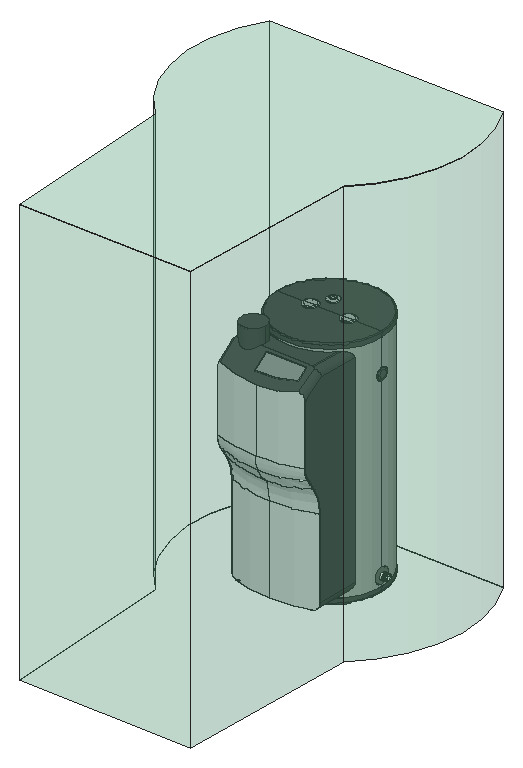
Revit family "Innovo BEFR_IR 20 160 BEFR LP", category Mechanical Equipment, Revit 2015
Parameters (values of type "IR-20-160 BEFR LP")
  largeur d'emballage = 786 mm  # constant formula
  l'Intervalle d'Entretien = "12 mois"  # constant formula
  Workspace Radius = Diameter + 170 mm  # 730 mm
  Workspace Height = Hauteur + 1000 mm  # 2270 mm
  Workspace Front Distance = 1000 mm
  Workspace [instance] = yes
  Valve Height 02 = if(and(Hauteur = 1745 mm, Diameter = 675 mm), 1518 mm, if(and(Hauteur = 1745 mm, Diameter = 610 mm), 1534 mm, if(Hauteur = 1545 mm, 1328 mm, 1070 mm)))  # 1070 mm
  Valve Height 01 = if(and(Diameter > 560 mm), 693 mm, 604 mm)  # 604 mm
  Valeur Maximale du Thermostat de Régulation = 85 °C  # constant formula
  Valeur Manimale du Thermostat de Régulation = 40 °C  # constant formula
  Valeur Défaut du Thermostat de Régulation = 65 °C  # constant formula
  URL = "www.aosmith.be"
  Type d'Installation = "B23/C13/C33/C43/C53/C63"  # constant formula
  Type d'emballage = "Carton et bois"  # constant formula
  Tension d'Alimentation (-15%, +10%) = 230 V  # constant formula
  Température Maximale des Fumées = 45 °C
  Temps de réchauffement à ΔT = 70°C = "42"
  Temps de réchauffement à ΔT = 55°C = "34"
  Temps de réchauffement à ΔT = 50°C = "31"
  Temps de réchauffement à ΔT = 44°C = "27"
  Temps de réchauffement à ΔT = 28°C = "17"
  Spécifications du Produit = ""
  Réglages du thermostat du chauffe-eau = 65 °C  # constant formula
  Réglage Standard Pour = "G31"
  Rendement Saisonnier (Hs) = [Rendement (Hs, acc. NEN-EN 89 - 1999)]  # 96
  Rendement (Hs, acc. NEN-EN 89 - 1999) = 96
  Rendement (Hi, acc. NEN-EN 89 - 1999) = 107
  Raccord Évacuation de la Condensation = 40 mm  # constant formula
  Raccord de la Soupape de Vidange = 3/4"
  Raccord de Sortie d'Eau Chaude = 3/4"
  Raccord de Gaz = 15"  # constant formula
  Raccord d'Alimentation en Eau Froide = 3/4"  # constant formula
  Raccord Robinet de Vidange = 3/4"  # constant formula
  Puissance Électrique Absorbée (sommet) = 85 W
  Puissance Électrique Absorbée (nominal) = 25 W
  Profondeur d'emballage = 946 mm  # constant formula
  Profondeur = 780 mm  # constant formula
  Profils de soutirage déclaré = "XL"
  Production Nominale = "11400.0"
  Pression de Fonctionnement Maximale = 800000.0 Pa  # constant formula
  Pression Différentielle d'Ouverture de l'Interrupteur de Pression < = 115.0 Pa
  Pression Amont de Gaz = "3700 Pa"
  Precaustions during assembling, installation or maintenance = "voir Manuel d'installation, d'emploi er d'entretien"  # constant formula
  Poids à vide = 95 kg
  Poids de Transport = 114 kg
  Phase = 1
  Pertes en Veille - tous les jours (24h) = 0 W
  Pertes en Veille = 0 W
  Nombre de modèle du produit (EAN) = "8717449285906"
  Niveau du Son dB (A) = "<45"  # constant formula
  Niveau de puissance acoustique à l'intérieur = "41 dB"
  NOx-émissions mg/kWh = "23"
  NOx-émissions (ven air, 0% O2) ppm = "14"
  Modèdele = "IR-12-160"
  Model = "IR-12-160 FR LP"
  Marque commerciale = "A.O. Smith"  # constant formula
  Manufacturer = "A.O. Smith Water Products Company b.v."  # constant formula
  Largeur = Diameter  # 560 mm
  La commande intelligente = no
  L'efficacité énergétique pour le chauffage de l'eau (2) = "-"
  L'efficacité énergétique pour le chauffage de l'eau (1) = "92%"
  Hauteur du Raccordement au Gaz = 860 mm
  Hauteur de la Sortie d'eau Chaude = 1270 mm
  Hauteur de l'Alimentation en eau Froide = 170 mm
  Hauteur d'emballage = 1465 mm
  Hauteur Conduit d'Évacuation des Fumées = 1295 mm
  Hauteur Conduit d'Alimentation en Air = 1295 mm
  Hauteur = 1270 mm
  Guide de Produit = ""
  Garantie sur la Cuve = "36 mois"  # constant formula
  Garantie Pièces = "12 mois"  # constant formula
  Fréquence secteur = 50 Hz  # constant formula
  Forctionner qu'en heures creuses = no
  Fabricant No. = "E 7110"  # constant formula
  Epaisseur d'Isolation = 50 mm
  Débit de vidage à ΔT = 70°C après 90 min. = 270.0 L
  Débit de vidage à ΔT = 70°C après 60 min. = 200.0 L
  Débit de vidage à ΔT = 70°C après 30 min. = 120.0 L
  Débit de vidage à ΔT = 70°C après 120 min. = 340.0 L
  Débit de vidage à ΔT = 55°C après 90 min. = 370.0 L
  Débit de vidage à ΔT = 55°C après 60 min. = 270.0 L
  Débit de vidage à ΔT = 55°C après 30 min. = 180.0 L
  Débit de vidage à ΔT = 55°C après 120 min. = 460.0 L
  Débit de vidage à ΔT = 50°C après 90 min. = 410.0 L
  Débit de vidage à ΔT = 50°C après 60 min. = 310.0 L
  Débit de vidage à ΔT = 50°C après 30 min. = 210.0 L
  Débit de vidage à ΔT = 50°C après 120 min. = 510.0 L
  Débit de vidage à ΔT = 44°C après 90 min. = 480.0 L
  Débit de vidage à ΔT = 44°C après 60 min. = 360.0 L
  Débit de vidage à ΔT = 44°C après 30 min. = 250.0 L
  Débit de vidage à ΔT = 44°C après 120 min. = 590.0 L
  Débit de vidage à ΔT = 28°C après 90 min. = 780.0 L
  Débit de vidage à ΔT = 28°C après 60 min. = 600.0 L
  Débit de vidage à ΔT = 28°C après 30 min. = 420.0 L
  Débit de vidage à ΔT = 28°C après 120 min. = 960.0 L
  Débit de vidage en Continu à ΔT = 70°C = 150.0 L/s
  Débit de vidage en Continu à ΔT = 55°C = 190.0 L/s
  Débit de vidage en Continu à ΔT = 50°C = 200.0 L/s
  Débit de vidage en Continu à ΔT = 44°C = 230.0 L/s
  Débit de vidage en Continu à ΔT = 28°C = 360.0 L/s
  Diamètre Cheminée - Système Parallèle = "2x80"  # constant formula
  Diamètre Cheminée - Système Concentrique = "80/125 mm/mm"  # constant formula
  Diamètre Cheminée - Boiler = "80/125 mm/mm"  # constant formula
  Diameter = 560 mm
  Destination / Country = "Belgique"  # constant formula
  Description = "Préparateur ECS Solaire en Combinaison avec Réservoir de Stockage"  # constant formula
  D'autres profils de soutirage = "-"
  Created By = "http://www.cadcompany.nl/"
  Consommation de Gaz - Volume ltr/hr = "a/p"
  Consommation de Gaz - Masse kg/h = "0.9"
  Class d'efficacité énergétique (2) = "-"
  Class d'efficacité énergétique (1) = "A"  # constant formula
  Charge Nominale (Valeur Supérieure) = "11800.0"
  Charge Nominale (Valeur Inférieure) = "10900.0"
  Charge Maximale au Sol = 274 kg
  Catégorie de Gaz = "I3P"
  Capacité = 160.0 L
  CO2 Émissions (tol. +/- 1.0) vol% = "10.0"
  CE-PIN = "0063CQ3037"  # constant formula
  BIM Content Developer = "CAD & Company"  # constant formula
  Assembly Code = "D3010"
  Annual fuel consumption (2) = "-"
  Annual fuel consumption (1) = "16 GJ GCV"
  Annual electricity consumption (2) = "-"
  Annual electricity consumption (1) = "38 kWh"
  2ème Entretien (Entretien Général) = "12 mois après l'installation"  # constant formula
  1er Entretien (check-up) = "3 mois après l'installation"  # constant formula
Reference planes
  plane 1 "Center (Front/Back)": y = 0
  plane 2: z = 0
  plane 3 "Center (Left/Right)": x = 0
  plane 4 "Pipe": through (-383.901, 912.349, 194.799) normal (-0.0879, -0.0879, 0.9923)
  plane 5 "footing": y = 118.925
  plane 6 "footing front": y = -237.85
  plane 7: x = -280
  plane 8: x = 280
  plane 9: z = 1270
Forms (mm)
  Revolve 1, solid, material "RAL 9005", detail levels medium+fine
    sketch origin (0, -237.85, 0) x (-1, 0, 0) y (0, 0, 1)
      loop
        line (0, 28.9) -> (-15, 28.9) -> (-15, 26.4) -> (-8.671, 26.4) -> (-8.671, 18) -> (-5.686, 18) -> (-6.626, 17.06) -> (-6.626, 12.06) -> (-8.671, 12.06) -> (-8.671, 10) -> (-10.031, 10) -> (-23.271, 5.181)
        arc (-23.271, 5.181) -> (-23.763, 4.836) -> (-24.017, 4.293) r 1.159
        line (-24.017, 4.293) -> (-24.017, 1.03)
        arc (-24.017, 1.03) -> (-23.715, 0.302) -> (-22.986, 0) r 1.03
        line (-22.986, 0) -> (0, 0) -> (0, 28.9)
      axis (0, 28.9) -> (0, 0)
    angle from 0 to 360
  Revolve 2, solid, material "RAL 9005", detail levels medium+fine
    sketch origin (0, 118.925, 0) x (-1, 0, 0) y (0, 0, 1)
      loop
        line (-180.984, 28.9) -> (-195.984, 28.9) -> (-195.984, 26.4) -> (-189.655, 26.4) -> (-189.655, 18) -> (-186.67, 18) -> (-187.61, 17.06) -> (-187.61, 12.06) -> (-189.655, 12.06) -> (-189.655, 10) -> (-191.015, 10) -> (-204.256, 5.181)
        arc (-204.256, 5.181) -> (-204.747, 4.836) -> (-205.001, 4.293) r 1.159
        line (-205.001, 4.293) -> (-205.001, 1.03)
        arc (-205.001, 1.03) -> (-204.699, 0.302) -> (-203.971, 0) r 1.03
        line (-203.971, 0) -> (-180.984, 0) -> (-180.984, 28.9)
      axis (-180.984, 28.9) -> (-180.984, 0)
    angle from 0 to 360
  Revolve 3, solid, material "RAL 9005", detail levels medium+fine
    sketch origin (0, 118.925, 0) x (-1, 0, 0) y (0, 0, 1)
      loop
        line (179.016, 28.9) -> (164.016, 28.9) -> (164.016, 26.4) -> (170.345, 26.4) -> (170.345, 18) -> (173.33, 18) -> (172.39, 17.06) -> (172.39, 12.06) -> (170.345, 12.06) -> (170.345, 10) -> (168.985, 10) -> (155.744, 5.181)
        arc (155.744, 5.181) -> (155.253, 4.836) -> (154.999, 4.293) r 1.159
        line (154.999, 4.293) -> (154.999, 1.03)
        arc (154.999, 1.03) -> (155.301, 0.302) -> (156.029, 0) r 1.03
        line (156.029, 0) -> (179.016, 0) -> (179.016, 28.9)
      axis (179.016, 28.9) -> (179.016, 0)
    angle from 0 to 360
Lines and regions (mm)
  symbolic lines
    curve 1: line (0, 280.06, 0) -> (0, -280.06, 0)
    curve 2: line (-255.06, 0, 0) -> (255.06, 0, 0)
  symbolic lines, style "Workspace"
    curve 3: line (623.261, 380.06, 0) -> (-623.261, 380.06, 0)
    curve 4: arc (-623.261, 380.06, 0) -> (-726.942, -66.745, 0) -> (-543.632, -487.2, 0) r 730
    curve 5: line (-543.632, -487.2, 0) -> (-396.783, -1492.825, 0)
    curve 6: line (-396.783, -1492.825, 0) -> (399.03, -1492.825, 0)
    curve 7: line (399.03, -1492.825, 0) -> (545.76, -484.816, 0)
    curve 8: arc (545.76, -484.816, 0) -> (727.087, -65.154, 0) -> (623.261, 380.06, 0) r 730
Dimensions and locks
  plane 5 "footing" to plane 1 "Center (Front/Back)" = 118.925 mm
  plane 1 "Center (Front/Back)" to plane 6 "footing front" = 237.85 mm
  "Diameter": plane 7 to plane 8
  equal spacing: plane 7, plane 3 "Center (Left/Right)", plane 8
  "Hauteur": plane 9 to plane 2
  "Workspace Front Distance": curve 6 to nested 3
  "Workspace Radius": radius of curve 4
  "Workspace Radius": radius of curve 8
  aligned and locked: level to plane 2
  aligned and locked: nested 3 to Revolve 1 sketch curve
  aligned and locked: plane 3 "Center (Left/Right)" to Revolve 1 sketch curve
  aligned and locked: nested 3 to plane 1 "Center (Front/Back)"
  aligned and locked: plane 3 "Center (Left/Right)" to nested 3
  aligned and locked: nested 1 to plane 8
  aligned and locked: nested 5 to plane 8
  aligned and locked: nested 2 to plane 7
  aligned and locked: nested 4 to plane 7
  aligned and locked: nested 7 to plane 7
  aligned and locked: nested 8 to plane 3 "Center (Left/Right)"
  aligned and locked: plane 1 "Center (Front/Back)" to nested 8
  aligned and locked: nested 8 to nested 3
  aligned and locked: curve 3 to nested 8
Automatic sketch dimensions
  Revolve 1 sketch curve to level = 0 mm
  plane 3 "Center (Left/Right)" to Revolve 1 sketch curve = 5.686 mm
  Revolve 1 sketch curve to Revolve 1 sketch curve = 0.94 mm  (x2)
  Revolve 1 sketch curve to Revolve 1 sketch curve = 2.046 mm  (x2)
  Revolve 1 sketch curve to Revolve 1 sketch curve = 1.359 mm
  Revolve 1 sketch curve to Revolve 1 sketch curve = 6.329 mm
  level to Revolve 1 sketch curve = 4.091 mm
  Revolve 1 sketch curve to Revolve 1 sketch curve = 12.844 mm
  level to Revolve 1 sketch curve = 1.03 mm
  Revolve 1 sketch curve to Revolve 1 sketch curve = 0.111 mm
  level to Revolve 1 sketch curve = 5.181 mm
  Revolve 1 sketch curve to Revolve 1 sketch curve = 0.745 mm
  level to Revolve 1 sketch curve = 10 mm
  Revolve 1 sketch curve to Revolve 1 sketch curve = 2.06 mm
  Revolve 1 sketch curve to Revolve 1 sketch curve = 5 mm
  Revolve 1 sketch curve to Revolve 1 sketch curve = 8.4 mm
  Revolve 1 sketch curve to Revolve 1 sketch curve = 2.5 mm
  Revolve 1 sketch curve to level = 19.635 mm
  Revolve 1 sketch curve to Revolve 1 sketch curve = 46.465 mm
  Revolve 2 sketch curve to level = 0 mm
  level to Revolve 2 sketch curve = 1.03 mm
  Revolve 2 sketch curve to plane 8 = 74.999 mm
  level to Revolve 2 sketch curve = 5.181 mm
  Revolve 2 sketch curve to Revolve 2 sketch curve = 0.745 mm
  Revolve 2 sketch curve to Revolve 2 sketch curve = 0.397 mm
  Revolve 2 sketch curve to Revolve 2 sketch curve = 8.271 mm
  Revolve 2 sketch curve to Revolve 2 sketch curve = 13.241 mm
  Revolve 2 sketch curve to Revolve 2 sketch curve = 1.359 mm
  Revolve 2 sketch curve to Revolve 2 sketch curve = 6.329 mm
  Revolve 2 sketch curve to Revolve 2 sketch curve = 2.046 mm
  level to Revolve 2 sketch curve = 18 mm
  Revolve 2 sketch curve to Revolve 2 sketch curve = 0.94 mm  (x2)
  Revolve 2 sketch curve to Revolve 2 sketch curve = 8.671 mm
  Revolve 2 sketch curve to Revolve 2 sketch curve = 1.089 mm
  Revolve 2 sketch curve to Revolve 2 sketch curve = 8 mm
  Revolve 2 sketch curve to Revolve 2 sketch curve = 2.06 mm
  Revolve 2 sketch curve to Revolve 2 sketch curve = 8.4 mm
  Revolve 2 sketch curve to Revolve 2 sketch curve = 2.5 mm
  Revolve 2 sketch curve to Revolve 2 sketch curve = 0 mm
  Revolve 2 sketch curve to level = 19.635 mm
  Revolve 2 sketch curve to Revolve 2 sketch curve = 46.465 mm
  Revolve 3 sketch curve to level = 0 mm
  level to Revolve 3 sketch curve = 1.03 mm
  Revolve 3 sketch curve to plane 7 = 125.001 mm
  level to Revolve 3 sketch curve = 5.181 mm
  Revolve 3 sketch curve to Revolve 3 sketch curve = 0.745 mm
  Revolve 3 sketch curve to Revolve 3 sketch curve = 0.397 mm
  Revolve 3 sketch curve to Revolve 3 sketch curve = 8.271 mm
  Revolve 3 sketch curve to Revolve 3 sketch curve = 13.241 mm
  Revolve 3 sketch curve to Revolve 3 sketch curve = 1.359 mm
  Revolve 3 sketch curve to Revolve 3 sketch curve = 6.329 mm
  Revolve 3 sketch curve to Revolve 3 sketch curve = 2.046 mm
  level to Revolve 3 sketch curve = 18 mm
  Revolve 3 sketch curve to Revolve 3 sketch curve = 0.94 mm  (x2)
  Revolve 3 sketch curve to Revolve 3 sketch curve = 8.671 mm
  Revolve 3 sketch curve to Revolve 3 sketch curve = 1.089 mm
  Revolve 3 sketch curve to Revolve 3 sketch curve = 8 mm
  Revolve 3 sketch curve to Revolve 3 sketch curve = 2.06 mm
  Revolve 3 sketch curve to Revolve 3 sketch curve = 8.4 mm
  Revolve 3 sketch curve to Revolve 3 sketch curve = 2.5 mm
  Revolve 3 sketch curve to Revolve 3 sketch curve = 0 mm
  Revolve 3 sketch curve to level = 19.635 mm
  Revolve 3 sketch curve to Revolve 3 sketch curve = 46.465 mm
  curve 4 to curve 8 = 0 mm  (x2)
  plane 1 "Center (Front/Back)" to curve 2 = 0 mm
  curve 1 to plane 3 "Center (Left/Right)" = 0 mm
  plane 1 "Center (Front/Back)" to curve 4 = 0 mm
  curve 4 to plane 3 "Center (Left/Right)" = 0 mm
  curve 5 to plane 6 "footing front" = 249.35 mm
  plane 7 to curve 5 = 116.783 mm
  plane 8 to curve 7 = 119.03 mm
  curve 7 to plane 6 "footing front" = 246.966 mm
  curve 2 to plane 7 = 24.94 mm
  curve 2 to plane 8 = 24.94 mm
  curve 1 to plane 6 "footing front" = 42.21 mm
  plane 5 "footing" to curve 1 = 161.135 mm
Nested families
  nested 1: "Valve" at (280, -0.38, 1070) x (0, 1, 0) z (0, 0, 1), built-in parameter 1001364 <- "Valve Height 02", type "Valve"
  nested 2: "Drain Valve" at (-280, 0, 1070), built-in parameter 1001364 <- "Valve Height 02", type "Drain Valve"
  nested 3: "Housing Mother Housing S 57 (external)" at (0, -274.886, 0), type "Housing Mother_Housing S_57"
  nested 4: "Drain Valve" at (-280, 0, 177), type "Drain Valve"
  nested 5: "Drain Valve" at (280, 0, 107) x (-1, 0, 0) z (0, 0, 1), type "Drain Valve"
  nested 6: "Boiler" at (0, 0, 0), height <- "Hauteur", type "Boiler"
    with height 1270 mm
  nested 7: "Drain Valve" at (-280, 0, 604), built-in parameter 1001364 <- "Valve Height 01", type "Drain Valve"
  nested 8: "Innovo_workspace" at (0, 0, 0), Workspace <- "Workspace", Workspace Distance Front <- "Workspace Front Distance", Workspace Height <- "Workspace Height", Workspace Radius <- "Workspace Radius", type "Workspace"
    with Workspace Radius 730 mm, Workspace Height 2270 mm, Workspace Distance Front 1000 mm, Workspace yes, Center to Front 492.825 mm
Connectors
  piping at (314.826, 0, 107), diameter 19.05, driven by "Raccord Robinet de Vidange"
    settings: on nested 5, index 1, connector inside diameter 24", connector length 0 mm, flow factor 0, pipe flow 0.0 L/s, pressure drop 0.0 Pa, fitting loss kfactor 0, connector angle 0.00°, fixture units 0, engagement length 0 mm, angle of deflection 0.00°, flow configuration 0, flow direction 0, fitting loss method 0, system type 19, joint type 0, gender type 0, connector reference index -1, connector utility 0, adjustable connector no, is connector primary yes, connector description ""
  hvac at (-147.013, -321.326, 1310.674)
    settings: on nested 3, index 2, duct flow 0.0 L/s, flow factor 0, pres drop 0.0 Pa, loss coef 0, conn angle 0.00°, conn width 304.8 mm, conn height 304.8 mm, conn diameter 125 mm, duct sys type 4, conn prof type 0, flow config 0, flow direction 0, loss method 0, conn ref index -1, conn util no, is conn primary yes, conn desc ""
Definition of nested family "Valve"
  Parameters (values of type "Valve")
    Type Comments = "T&P valve (internal)"
    Manufacturer = "A.O. Smith"
  Reference planes
    plane 1 "Center (Front/Back)": y = 0
    plane 2: z = 0
    plane 3 "Center (Left/Right)": x = 0
  Forms (mm)
    Extrusion 1, solid, detail levels fine
      sketch origin (0, 0, 0) x (1, 0, 0) y (0, 0, 1)
        loop
          circle (0, 0) r 31.5
      from -2.271 to 1.4
    Sweep 2, solid, detail levels fine
      path origin (0, -1.4, 0) x (1, 0, 0) y (0, 0, 1)
        loop
          circle (0, 0) r 31.5
      profile origin (0, -1.4, 31.5) x (0, 0, -1) y (0, -1, 0)
        loop
          line (7.3, 0) -> (7.3, 3) -> (0, 0) -> (7.3, 0)
  Dimensions and locks
    aligned and locked: level to plane 2
Definition of nested family "Drain Valve"
  Reference planes
    plane 1 "Center (Front/Back)": y = 0
    plane 2: z = 0
    plane 3 "Center (Left/Right)": x = 0
  Forms (mm)
    Revolve 1, solid, detail levels medium+fine
      sketch origin (0, 0, 0) x (1, 0, 0) y (0, 0, 1)
        loop
          line (-33.442, 15.696) -> (-34.826, 14.329) -> (-34.93, 12.731) -> (-16.555, 12.731) -> (-16.555, 0) -> (15.787, 0) -> (15.787, 18.3) -> (-14.4, 18.3) -> (-17.148, 15.533) -> (-18.729, 16.697) -> (-20.091, 15.333) -> (-21.672, 16.496) -> (-23.034, 15.133) -> (-24.614, 16.296) -> (-25.976, 14.932) -> (-27.557, 16.096) -> (-28.919, 14.732) -> (-30.5, 15.896) -> (-31.862, 14.532) -> (-33.442, 15.696)
        axis (-34.93, 0) -> (15.787, 0)
      angle from 0 to 360
  Dimensions and locks
    aligned and locked: level to plane 2
  Nested families
    nested 1: "Rubber sealing" at (2.592, -0.155, 0) x (0.0023, -1, 0) z (0, 0, 1), type "Rubber sealing", detail levels fine
  Definition of nested family "Rubber sealing"
    Reference planes
      plane 1 "Center (Front/Back)": y = 0
      plane 2: z = 0
      plane 3 "Center (Left/Right)": x = 0
    Forms (mm)
      Extrusion 1, solid, detail levels fine
        sketch origin (141.861, 319.581, 0) x (1, 0, 0) y (0, 1, 0)
          loop
            line (-216.354, -311.898) -> (-216.354, -313.94)
            arc (-216.354, -313.94) -> (-141.602, -321.581) -> (-66.861, -313.835) r 366.966
            line (-66.861, -313.835) -> (-66.861, -311.791)
            arc (-66.861, -311.791) -> (-141.602, -319.581) -> (-216.354, -311.898) r 364.966
        from -80 to 80
      Extrusion 2, void
        sketch origin (141.861, 319.581, 0) x (1, 0, 0) y (0, 0, 1)
          loop
            circle (-141.861, 0) r 13
          loop
            circle (-141.861, 0) r 110
          loop
            circle (-141.861, 0) r 40
        from 311.563 to 332.684
      Extrusion 3, void
        sketch origin (141.861, 319.581, 0) x (1, 0, 0) y (0, 0, 1)
          loop
            circle (-141.861, 0) r 18.25
        from 315.524 to 326.084
    Cuts and joins
      Extrusion 2, Extrusion 3 cuts Extrusion 1
    Dimensions and locks
      aligned and locked: level to plane 2
Definition of nested family "Housing Mother Housing S 57 (external)"
  Parameters (values of type "Housing Mother_Housing S_57")
    radius [instance] = 280 mm
    distance to boiler center = if(diameter = 675 mm, 189 mm, if(diameter = 610 mm, 154 mm, 129 mm))  # 129 mm
    diameter = 560 mm
  Reference planes
    plane 1 "Center (Front/Back)": y = 0
    plane 2: z = 0
    plane 3 "Center (Left/Right)": x = 0
    plane 4 "left": through (-245.286, 145.886, 1200) normal (0.9994, 0.0349, 0)
    plane 5: y = -217.939
    plane 6: y = 145.886
    plane 7: z = 1232.6
    plane 8: z = 65.89
    plane 9 "right": through (245.286, 145.886, 1200) normal (0.9994, -0.0349, 0)
    plane 10 "display": through (0, -90.37, 1221.196) normal (0, -0.5736, 0.8192)
    plane 11 "Potentiostat": z = 867.899
    plane 12 "boiler center": y = 274.886
    plane 13: x = -280
    plane 14: x = 280
  Forms (mm)
    Extrusion 1, solid
      sketch origin (0, 0, 0) x (1, 0, 0) y (0, 1, 0)
        loop
          line (-245.286, 145.886) -> (-232.581, -217.939) -> (232.581, -217.939) -> (245.286, 145.886)
          arc (245.286, 145.886) -> (0, 0.923) -> (-245.286, 145.886) r 280
      from 0 to 1232.6
    Sweep 2, void
      path origin (0, 0, 0) x (0, 1, 0) y (0, 0, 1)
        loop
          line (-217.939, 1232.6) -> (-217.939, 795.555)
          arc (-217.939, 795.555) -> (-212.387, 754.285) -> (-197.694, 715.322) r 183.924
          arc (-197.694, 715.322) -> (-179.915, 684.628) -> (-159.106, 655.901) r 348.284
          arc (-159.106, 655.901) -> (-131.411, 600.328) -> (-121.88, 538.973) r 202.254
          line (-121.88, 538.973) -> (-121.88, 61.106)
      profile origin (0, -217.939, 1014.077) x (1, 0, 0) y (0, 1, 0)
        loop
          arc (0, 0) -> (-117.533, 9.941) -> (-231.728, 39.475) r 699.984
          arc (-231.728, 39.475) -> (-233.391, 40.705) -> (-234.07, 42.659) r 3.505
          line (-234.07, 42.659) -> (-254.062, 42.659) -> (-254.062, -142.593) -> (254.07, -142.593) -> (254.07, 42.659) -> (234.07, 42.659)
          arc (234.07, 42.659) -> (233.391, 40.705) -> (231.728, 39.475) r 3.505
          arc (231.728, 39.475) -> (117.533, 9.941) -> (0, 0) r 699.984
    Extrusion 3, void
      sketch origin (0, 0, 0) x (0, 1, 0) y (0, 0, 1)
        loop
          arc (102.864, 70.869) -> (99.804, 70.709) -> (96.874, 69.813) r 12.57
          arc (96.874, 69.813) -> (87.878, 66.533) -> (78.516, 64.529) r 69.114
          arc (78.516, 64.529) -> (76.41, 64.284) -> (74.294, 64.148) r 41.206
          arc (74.294, 64.148) -> (65.203, 64.335) -> (56.122, 64.782) r 318.661
          arc (56.122, 64.782) -> (30.585, 66.179) -> (5.028, 67.128) r 1456.581
          line (5.028, 67.128) -> (-84.534, 73.135)
          arc (-84.534, 73.135) -> (-86.363, 73.808) -> (-87.536, 75.365) r 3.455
          line (-87.536, 75.365) -> (-264.473, 75.365) -> (-264.473, 0) -> (160.886, 0) -> (160.886, 103.945) -> (145.886, 103.945)
          arc (145.886, 103.945) -> (145.104, 97.827) -> (142.923, 92.059) r 26.364
          arc (142.923, 92.059) -> (141.067, 88.936) -> (138.867, 86.045) r 31.715
          arc (138.867, 86.045) -> (135.576, 82.49) -> (132.021, 79.2) r 62.615
          arc (132.021, 79.2) -> (125.841, 74.697) -> (119.091, 71.103) r 54.444
          arc (119.091, 71.103) -> (116.371, 70.272) -> (113.531, 70.123) r 11.669
          line (113.531, 70.123) -> (102.864, 70.869)
      from -254.062 to 254.07
    Sweep 4, void
      path origin (0, 0, 0) x (1, 0, 0) y (0, 1, 0)
        loop
          line (-245.286, 145.886) -> (-232.581, -217.939)
      profile origin (-238.933, -36.027, 0) x (0.999391, 0.034899, 0) y (0, 0, 1)
        loop
          line (-4.454, 0) -> (47.084, 0) -> (47.084, 73.431)
          arc (47.084, 73.431) -> (14.222, 85.134) -> (0.255, 117.1) r 43.922
          line (0.255, 117.1) -> (-4.454, 117.1) -> (-4.454, 0)
    Sweep 5, void
      path origin (0, 0, 0) x (-1, 0, 0) y (0, 1, 0)
        loop
          line (-245.286, 145.886) -> (-232.581, -217.939)
      profile origin (238.933, -36.027, 0) x (0.999391, -0.034899, 0) y (0, 0, 1)
        loop
          line (4.454, 0) -> (4.454, 117.1) -> (-0.255, 117.1)
          arc (-0.255, 117.1) -> (-14.222, 85.134) -> (-47.084, 73.431) r 43.922
          line (-47.084, 73.431) -> (-47.084, 0) -> (4.454, 0)
    Sweep 6, void
      path origin (-239.899, -8.377, 0) x (-0.034899, 0.999391, 0) y (0, 0, 1)
        loop
          line (-209.69, 1141.272) -> (-79.18, 1232.6) -> (154.358, 1232.6)
      profile origin (-241.211, 29.188, 1232.6) x (0, 0, 1) y (0.999391, 0.034899, 0)
        loop
          line (-45, -30) -> (75, -30) -> (75, 0) -> (75, 55) -> (2.799, 55) -> (-1.253, 35.128)
          arc (-1.253, 35.128) -> (-16.771, 9.564) -> (-45, -0.308) r 44.287
          line (-45, -0.308) -> (-45, -30)
    Sweep 7, void
      path origin (239.899, -8.377, 0) x (0.034899, 0.999391, 0) y (0, 0, 1)
        loop
          line (-209.69, 1141.272) -> (-79.18, 1232.6) -> (154.358, 1232.6)
      profile origin (241.211, 29.188, 1232.6) x (0, 0, -1) y (-0.999391, 0.034899, 0)
        loop
          line (-75, -25) -> (45, -25) -> (45, -0.308)
          arc (45, -0.308) -> (16.771, 9.564) -> (1.253, 35.128) r 44.287
          line (1.253, 35.128) -> (-2.799, 55) -> (-75, 55) -> (-75, -25)
    Extrusion 8, void
      sketch origin (0, 0, 0) x (0, 1, 0) y (0, 0, 1)
        loop
          line (-270, 1336.099) -> (-270, 1099.081) -> (68.497, 1336.099) -> (-270, 1336.099)
      from -425.038 to 444.42
    Extrusion 9, solid, detail levels medium+fine
      sketch origin (0, 0, 0) x (1, 0, 0) y (0, 1, 0)
        loop
          circle (-147.013, -46.44) r 65
      from 1163.174 to 1310.674
    Extrusion 10, void
      sketch origin (0, -603.506, 861.895) x (0, 0.819152, 0.573576) y (-1, 0, 0)
        loop
          arc (618.322, -173) -> (623.272, -170.95) -> (625.322, -166) r 7
          line (625.322, -166) -> (625.322, 35)
          arc (625.322, 35) -> (623.272, 39.95) -> (618.322, 42) r 7
          line (618.322, 42) -> (535.473, 42)
          arc (535.473, 42) -> (530.688, 40.11) -> (528.488, 35.46) r 7
          arc (528.488, 35.46) -> (531.569, -67.592) -> (554.18, -168.18) r 540
          arc (554.18, -168.18) -> (556.724, -171.668) -> (560.831, -173) r 7
          line (560.831, -173) -> (618.322, -173)
      from 0 to 137.286
    Sweep 11, solid, detail levels fine
      path origin (0, 0, 867.899) x (-1, 0, 0) y (0, -1, 0)
        loop
          line (309.749, -35.617) -> (204.371, -35.617)
          arc (204.371, -35.617) -> (196.509, -34.687) -> (189.082, -31.947) r 33.677
          line (189.082, -31.947) -> (-9.574, 69.274)
      profile origin (-257.06, 35.617, 867.899) x (0, 1, 0) y (0, 0, 1)
        loop
          circle (0, 0) r 7.316
        loop
          circle (0, 0) r 6.465
    Revolve 12, void
      sketch origin (0, 274.886, 0) x (-1, 0, 0) y (0, 0, 1)
        loop
          line (280, 1243.838) -> (0, 1243.838) -> (0, 54.9) -> (280, 54.9) -> (280, 1243.838)
        axis (0, 1243.838) -> (0, 54.9)
      angle from 0 to 360
  Cuts and joins
    Sweep 2, Extrusion 3, Sweep 4, Sweep 5, Sweep 6, Sweep 7, Extrusion 8, Extrusion 10, Revolve 12 cuts Extrusion 1
  Dimensions and locks
    plane 8 to plane 2 = 65.89 mm
    plane 7 to plane 8 = 1166.71 mm
    "distance to boiler center": plane 12 "boiler center" to plane 6
    "diameter": plane 14 to plane 13
    equal spacing: plane 14, plane 3 "Center (Left/Right)", plane 13
    "radius": plane 3 "Center (Left/Right)" to plane 13
    aligned and locked: level to plane 2
    aligned and locked: Extrusion 1 to plane 7
    aligned and locked: Extrusion 1 sketch curve to plane 5
    aligned and locked: Sweep 2 to Extrusion 3
    aligned and locked: Extrusion 3 to Sweep 2  (x2)
    aligned and locked: plane 7 to Sweep 2 sketch curve
    aligned and locked: plane 3 "Center (Left/Right)" to Revolve 12 sketch curve
    aligned and locked: Revolve 12 sketch curve to plane 3 "Center (Left/Right)"
    aligned and locked: plane 13 to Revolve 12 sketch curve
  Automatic sketch dimensions
    Extrusion 1 sketch curve to plane 4 "left" = 0 mm  (x2)
    Extrusion 1 sketch curve to plane 6 = 0 mm  (x2)
    Extrusion 1 sketch curve to plane 3 "Center (Left/Right)" = 0 mm
    Extrusion 1 sketch curve to plane 9 "right" = 0 mm
    plane 6 to Extrusion 1 sketch curve = 135.037 mm
    Sweep 2 sketch curve to plane 5 = 0 mm
    plane 5 to Sweep 2 sketch curve = 106.195 mm
    Sweep 2 sketch curve to plane 5 = 96.059 mm
    plane 1 "Center (Front/Back)" to Sweep 2 sketch curve = 34.053 mm
    plane 11 "Potentiostat" to Sweep 2 sketch curve = 6.417 mm
    Sweep 2 sketch curve to plane 6 = 33.705 mm
    Sweep 2 sketch curve to plane 11 "Potentiostat" = 68.615 mm
    Sweep 2 sketch curve to plane 11 "Potentiostat" = 72.345 mm
    Sweep 2 sketch curve to Sweep 2 sketch curve = 176.349 mm
    Sweep 2 sketch curve to Sweep 2 sketch curve = 0 mm  (x2)
    plane 8 to Sweep 2 sketch curve = 4.784 mm
    Extrusion 3 sketch curve to level = 0 mm
    Extrusion 3 sketch curve to plane 6 = 0 mm
    Extrusion 3 sketch curve to plane 6 = 26.363 mm
    Extrusion 3 sketch curve to Extrusion 3 sketch curve = 4.75 mm
    Extrusion 3 sketch curve to Extrusion 3 sketch curve = 5.179 mm
    Extrusion 3 sketch curve to plane 8 = 4.232 mm
    Extrusion 3 sketch curve to Extrusion 3 sketch curve = 0.814 mm
    Extrusion 3 sketch curve to plane 8 = 4.978 mm
    Extrusion 3 sketch curve to Extrusion 3 sketch curve = 10.667 mm
    Extrusion 3 sketch curve to Extrusion 3 sketch curve = 0.877 mm
    Extrusion 3 sketch curve to Extrusion 3 sketch curve = 17.827 mm
    Extrusion 3 sketch curve to Extrusion 3 sketch curve = 5.646 mm
    Extrusion 3 sketch curve to plane 6 = 69.562 mm
    Extrusion 3 sketch curve to Extrusion 3 sketch curve = 18.6 mm
    Extrusion 3 sketch curve to Extrusion 3 sketch curve = 22.538 mm
    Extrusion 3 sketch curve to plane 8 = 1.238 mm
    Extrusion 3 sketch curve to plane 1 "Center (Front/Back)" = 5.028 mm
    plane 1 "Center (Front/Back)" to Extrusion 3 sketch curve = 36.224 mm
    Extrusion 3 sketch curve to plane 8 = 10.692 mm
    plane 1 "Center (Front/Back)" to Extrusion 3 sketch curve = 84.302 mm
    Extrusion 3 sketch curve to plane 8 = 7.244 mm
    Extrusion 3 sketch curve to Extrusion 3 sketch curve = 0.231 mm
    Extrusion 3 sketch curve to Extrusion 3 sketch curve = 3.234 mm
    plane 5 to Extrusion 3 sketch curve = 46.534 mm
    plane 6 to Extrusion 3 sketch curve = 15 mm
    Extrusion 3 sketch curve to level = 1388.869 mm
    plane 8 to Extrusion 3 sketch curve = 7.561 mm
    Extrusion 3 sketch curve to Extrusion 3 sketch curve = 11.64 mm
    Extrusion 3 sketch curve to plane 8 = 38.054 mm
    Extrusion 3 sketch curve to Extrusion 3 sketch curve = 22.442 mm
    Extrusion 3 sketch curve to plane 8 = 39.432 mm
    Extrusion 3 sketch curve to Extrusion 3 sketch curve = 2.466 mm
    Extrusion 3 sketch curve to Extrusion 3 sketch curve = 14.17 mm
    Extrusion 3 sketch curve to Extrusion 3 sketch curve = 5.925 mm
    Extrusion 3 sketch curve to Extrusion 3 sketch curve = 6.186 mm
    Extrusion 3 sketch curve to Extrusion 3 sketch curve = 249.85 mm
    Extrusion 3 sketch curve to Extrusion 3 sketch curve = 0 mm  (x4)
    Extrusion 3 sketch curve to Extrusion 3 sketch curve = 6.845 mm
    plane 8 to Extrusion 3 sketch curve = 1.743 mm
    Sweep 4 sketch curve to plane 4 "left" = 0 mm  (x2)
    Sweep 4 sketch curve to plane 6 = 0 mm
    plane 5 to Sweep 4 sketch curve = 0 mm
    Sweep 4 sketch curve to level = 0 mm
    profile plane to Sweep 4 sketch curve = 4.454 mm
    Sweep 4 sketch curve to profile plane = 0.255 mm
    Sweep 4 sketch curve to Sweep 4 sketch curve = 43.922 mm
    Sweep 4 sketch curve to profile plane = 47.084 mm
    level to Sweep 4 sketch curve = 73.431 mm
    Sweep 4 sketch curve to Sweep 4 sketch curve = 43.669 mm
    Sweep 5 sketch curve to plane 6 = 0 mm
    Sweep 5 sketch curve to plane 9 "right" = 0 mm  (x2)
    plane 5 to Sweep 5 sketch curve = 0 mm
    Sweep 5 sketch curve to level = 0 mm
    profile plane to Sweep 5 sketch curve = 47.084 mm
    Sweep 5 sketch curve to Sweep 5 sketch curve = 2.907 mm
    profile plane to Sweep 5 sketch curve = 0.255 mm
    Sweep 5 sketch curve to profile plane = 4.454 mm
    level to Sweep 5 sketch curve = 73.431 mm
    Sweep 5 sketch curve to Sweep 5 sketch curve = 43.669 mm
    Sweep 6 sketch curve to plane 7 = 0 mm
    plane 7 to Sweep 6 sketch curve = 91.328 mm
    Sweep 6 sketch curve to Sweep 6 sketch curve = 130.509 mm
    Sweep 6 sketch curve to Sweep 6 sketch curve = 233.538 mm
    Sweep 6 sketch curve to plane 4 "left" = 0 mm
    profile plane to Sweep 6 sketch curve = 45 mm
    Sweep 6 sketch curve to Sweep 6 sketch curve = 0.354 mm
    profile plane to Sweep 6 sketch curve = 1.253 mm
    Sweep 6 sketch curve to profile plane = 2.799 mm
    Sweep 6 sketch curve to Sweep 6 sketch curve = 72.201 mm
    Sweep 6 sketch curve to plane 4 "left" = 0.308 mm
    Sweep 6 sketch curve to Sweep 6 sketch curve = 29.692 mm
    plane 4 "left" to Sweep 6 sketch curve = 35.128 mm
    plane 4 "left" to Sweep 6 sketch curve = 55 mm
    Sweep 7 sketch curve to plane 7 = 0 mm
    Sweep 7 sketch curve to plane 7 = 91.328 mm
    Sweep 7 sketch curve to Sweep 7 sketch curve = 130.509 mm
    Sweep 7 sketch curve to Sweep 7 sketch curve = 233.538 mm
    Sweep 7 sketch curve to plane 9 "right" = 25 mm
    profile plane to Sweep 7 sketch curve = 75 mm
    profile plane to Sweep 7 sketch curve = 2.799 mm
    Sweep 7 sketch curve to profile plane = 1.253 mm
    Sweep 7 sketch curve to Sweep 7 sketch curve = 43.393 mm
    Sweep 7 sketch curve to profile plane = 45 mm
    Sweep 7 sketch curve to plane 9 "right" = 0.308 mm
    plane 9 "right" to Sweep 7 sketch curve = 35.128 mm
    Sweep 7 sketch curve to Sweep 7 sketch curve = 19.872 mm
    plane 5 to Extrusion 8 sketch curve = 52.061 mm
    Extrusion 8 sketch curve to plane 1 "Center (Front/Back)" = 68.497 mm
    plane 7 to Extrusion 8 sketch curve = 133.519 mm
    Extrusion 8 sketch curve to plane 7 = 103.499 mm
    plane 1 "Center (Front/Back)" to Extrusion 9 sketch curve = 46.44 mm
    Extrusion 9 sketch curve to plane 3 "Center (Left/Right)" = 147.013 mm
    Extrusion 10 sketch curve to plane 3 "Center (Left/Right)" = 0 mm
    Extrusion 10 sketch curve to plane 3 "Center (Left/Right)" = 35 mm
    Extrusion 10 sketch curve to Extrusion 10 sketch curve = 25.359 mm
    Extrusion 10 sketch curve to Extrusion 10 sketch curve = 57.491 mm
    Extrusion 10 sketch curve to plane 3 "Center (Left/Right)" = 42 mm
    Extrusion 10 sketch curve to Extrusion 10 sketch curve = 82.85 mm
    Extrusion 10 sketch curve to Extrusion 10 sketch curve = 7 mm
    Extrusion 10 sketch curve to Extrusion 10 sketch curve = 442 mm
    plane 3 "Center (Left/Right)" to Extrusion 10 sketch curve = 166 mm
    Extrusion 10 sketch curve to Extrusion 10 sketch curve = 0 mm  (x2)
    Sweep 11 sketch curve to plane 1 "Center (Front/Back)" = 31.947 mm
    Sweep 11 sketch curve to plane 3 "Center (Left/Right)" = 189.082 mm
    Sweep 11 sketch curve to plane 1 "Center (Front/Back)" = 1.94 mm
    Sweep 11 sketch curve to Sweep 11 sketch curve = 15.289 mm
    plane 3 "Center (Left/Right)" to Sweep 11 sketch curve = 9.574 mm
    Sweep 11 sketch curve to Sweep 11 sketch curve = 105.378 mm
    plane 1 "Center (Front/Back)" to Sweep 11 sketch curve = 69.274 mm
    Sweep 11 sketch curve to Sweep 11 sketch curve = 0 mm  (x2)
    Sweep 11 sketch curve to plane 11 "Potentiostat" = 0 mm
    Sweep 11 sketch curve to profile plane = 0 mm
    plane 8 to Revolve 12 sketch curve = 10.99 mm
    Revolve 12 sketch curve to plane 7 = 11.238 mm
    Revolve 12 sketch curve to level = 366.045 mm
    Revolve 12 sketch curve to Revolve 12 sketch curve = 971.917 mm
    Sweep 2 sketch curve to plane 3 "Center (Left/Right)" = 0 mm
    profile plane to Sweep 2 sketch curve = 0 mm
    Sweep 2 sketch curve to plane 3 "Center (Left/Right)" = 0.016 mm
    Sweep 2 sketch curve to profile plane = 42.782 mm  (x2)
    Sweep 2 sketch curve to plane 3 "Center (Left/Right)" = 230.568 mm
    plane 3 "Center (Left/Right)" to Sweep 2 sketch curve = 0.016 mm
    plane 3 "Center (Left/Right)" to Sweep 2 sketch curve = 230.568 mm
    Sweep 2 sketch curve to Sweep 2 sketch curve = 3.502 mm  (x2)
    Sweep 2 sketch curve to Sweep 2 sketch curve = 20 mm
    profile plane to Sweep 2 sketch curve = 142.593 mm
    Sweep 2 sketch curve to Sweep 2 sketch curve = 0.122 mm  (x2)
    Sweep 2 sketch curve to Sweep 2 sketch curve = 657.203 mm
    Sweep 2 sketch curve to Sweep 2 sketch curve = 19.991 mm
    radius of Extrusion 9 sketch curve = 65 mm
    radius of Sweep 11 sketch curve = 7.316 mm
    radius of Sweep 11 sketch curve = 6.465 mm
  Nested families
    nested 1: "display" at (65.5, -130.939, 1192.79) x (-1, 0, 0) z (0, -0.5736, 0.8192), type "display"
  Definition of nested family "display"
    Parameters (values of type "display")
      Default Elevation = 1219.2 mm
    Reference planes
      plane 1 "Center (Front/Back)": y = 0
      plane 2: z = 0
      plane 3 "Center (Left/Right)": x = 0
    Forms (mm)
      Extrusion 1, solid, detail levels medium+fine
        sketch origin (-16.958, 11.842, -343.878) x (1, 0, 0) y (0, 0, -1)
          loop
            line (-233.523, -343.878) -> (-233.523, -346.592) -> (332.686, -346.592) -> (332.686, -343.878) -> (-233.523, -343.878)
        from -228.7 to 150.822
      Extrusion 2, void
        sketch origin (-16.958, 6.842, -343.878) x (1, 0, 0) y (0, 1, 0)
          loop
            line (-233.523, 155.822) -> (-233.523, -223.7) -> (332.686, -223.7) -> (332.686, 155.822) -> (-233.523, 155.822)
          loop
            arc (-90.542, -48.267) -> (-88.492, -53.216) -> (-83.542, -55.267) r 7
            line (-83.542, -55.267) -> (117.458, -55.267)
            arc (117.458, -55.267) -> (122.408, -53.216) -> (124.458, -48.267) r 7
            line (124.458, -48.267) -> (124.458, 34.583)
            arc (124.458, 34.583) -> (122.568, 39.368) -> (117.918, 41.568) r 7
            arc (117.918, 41.568) -> (14.866, 38.487) -> (-85.722, 15.876) r 540
            arc (-85.722, 15.876) -> (-89.21, 13.332) -> (-90.542, 9.224) r 7
            line (-90.542, 9.224) -> (-90.542, -48.267)
        from 328.878 to 363.083
    Cuts and joins
      Extrusion 2 cuts Extrusion 1
    Dimensions and locks
      aligned and locked: level to plane 2
Definition of nested family "Boiler"
  Parameters (values of type "Boiler")
    radius [instance] = 280 mm
    height [instance] = 1270 mm
    Diameter = 560 mm
  Reference planes
    plane 1 "Center (Front/Back)": y = 0
    plane 2: z = 0
    plane 3 "Center (Left/Right)": x = 0
    plane 4: z = 1243.838
    plane 5: z = 1270
    plane 6 "bottom": z = 28.9
    plane 7: z = 54.9
    plane 8 "top controle": y = 88
    plane 9: x = -280
    plane 10: x = 280
  Forms (mm)
    Revolve 1, solid
      sketch origin (0, 0, 0) x (1, 0, 0) y (0, 0, 1)
        loop
          line (0, 54.9) -> (-280, 54.9) -> (-280, 32.9)
          arc (-280, 32.9) -> (-278.828, 30.072) -> (-276, 28.9) r 4
          line (-276, 28.9) -> (0, 28.9) -> (0, 54.9)
        axis (0, 28.9) -> (0, 54.9)
      angle from 0 to 360
    Revolve 2, solid
      sketch origin (1.311, 0, 0) x (1, 0, 0) y (0, 0, 1)
        loop
          line (-278.86, 1243.838) -> (-278.86, 54.9) -> (-1.311, 54.9) -> (-1.311, 1243.838) -> (-278.86, 1243.838)
        axis (-1.311, 1243.838) -> (-1.311, 54.9)
      angle from 0 to 360
    Revolve 3, solid
      sketch origin (-9.205, 0, 377.212) x (-1, 0, 0) y (0, 0, 1)
        loop
          line (-148.904, 892.788) -> (-110.805, 892.788) -> (-110.805, 895.963) -> (-141.883, 895.963) -> (-148.904, 893.62) -> (-148.904, 892.788)
        axis (-110.805, 892.788) -> (-110.805, 895.963)
      angle from 0 to 360
    Revolve 4, solid
      sketch origin (0, 0, 718.065) x (1, 0, 0) y (0, 0, -1)
        loop
          line (0, -525.773) -> (-280, -525.773) -> (-280, -547.935)
          arc (-280, -547.935) -> (-278.828, -550.763) -> (-276, -551.935) r 4
          line (-276, -551.935) -> (0, -551.935) -> (0, -525.773)
        axis (0, -551.935) -> (0, -525.773)
      angle from 0 to 360
    Revolve 5, solid
      sketch origin (0, 88, 0) x (1, 0, 0) y (0, 0, 1)
        loop
          line (-19.051, 1270) -> (-19.051, 1271.074) -> (-32.63, 1275.604) -> (-32.63, 1271.117) -> (-37.266, 1271.117) -> (-38.383, 1270) -> (-19.051, 1270)
        axis (-50.8, 1270) -> (-50.8, 1275.604)
      angle from 0 to 360
    Revolve 6, solid
      sketch origin (-217.12, 0, 372.245) x (-1, 0, 0) y (0, 0, 1)
        loop
          line (-153.622, 897.755) -> (-115.52, 897.755) -> (-115.52, 900.93) -> (-146.626, 900.93) -> (-153.622, 898.596) -> (-153.622, 897.755)
        axis (-115.52, 897.755) -> (-115.52, 900.93)
      angle from 0 to 360
  Dimensions and locks
    "height": plane 5 to plane 2
    plane 6 "bottom" to plane 2 = 28.9 mm
    locked: plane 5 to plane 4 at 26.162
    locked: plane 1 "Center (Front/Back)" to plane 8 "top controle" at 88
    "Diameter": plane 10 to plane 9
    equal spacing: plane 10, plane 3 "Center (Left/Right)", plane 9
    "radius": plane 3 "Center (Left/Right)" to plane 9
    locked: plane 9 to Revolve 2 sketch curve at 2.452
    aligned and locked: level to plane 2
    aligned and locked: Revolve 2 sketch curve to plane 7
    aligned and locked: Revolve 2 sketch curve to plane 4
    aligned and locked: Revolve 1 sketch curve to plane 7
    aligned and locked: plane 6 "bottom" to Revolve 1 sketch curve
    aligned and locked: Revolve 4 sketch curve to plane 3 "Center (Left/Right)"
    aligned and locked: plane 5 to Revolve 4 sketch curve
    aligned and locked: Revolve 4 sketch curve to plane 4
    aligned and locked: plane 9 to Revolve 4 sketch curve
    aligned and locked: Revolve 1 sketch curve to plane 9
    aligned and locked: Revolve 2 sketch curve to plane 3 "Center (Left/Right)"
    aligned and locked: plane 3 "Center (Left/Right)" to Revolve 2 sketch curve
  Automatic sketch dimensions
    Revolve 1 sketch curve to plane 3 "Center (Left/Right)" = 0 mm  (x2)
    Revolve 1 sketch curve to Revolve 1 sketch curve = 4 mm
    Revolve 1 sketch curve to level = 40 mm
    Revolve 1 sketch curve to Revolve 1 sketch curve = 305.1 mm
    Revolve 2 sketch curve to level = 366.045 mm
    Revolve 2 sketch curve to plane 5 = 945.755 mm
    Revolve 3 sketch curve to plane 5 = 0 mm
    Revolve 3 sketch curve to plane 3 "Center (Left/Right)" = 139.699 mm
    plane 5 to Revolve 3 sketch curve = 3.175 mm
    Revolve 3 sketch curve to Revolve 3 sketch curve = 7.022 mm
    Revolve 3 sketch curve to Revolve 3 sketch curve = 31.078 mm
    Revolve 3 sketch curve to Revolve 3 sketch curve = 0.832 mm
    Revolve 3 sketch curve to Revolve 3 sketch curve = 0 mm
    Revolve 3 sketch curve to Revolve 3 sketch curve = 2.338 mm
    Revolve 3 sketch curve to Revolve 3 sketch curve = 4.487 mm
    Revolve 4 sketch curve to plane 3 "Center (Left/Right)" = 0 mm
    Revolve 4 sketch curve to Revolve 4 sketch curve = 4 mm
    Revolve 4 sketch curve to Revolve 4 sketch curve = 68.738 mm
    Revolve 4 sketch curve to Revolve 4 sketch curve = 305.1 mm
    Revolve 6 sketch curve to plane 5 = 0 mm
    plane 3 "Center (Left/Right)" to Revolve 6 sketch curve = 63.497 mm
    plane 5 to Revolve 6 sketch curve = 3.175 mm
    Revolve 6 sketch curve to Revolve 6 sketch curve = 6.997 mm
    Revolve 6 sketch curve to Revolve 6 sketch curve = 31.106 mm
    Revolve 6 sketch curve to Revolve 6 sketch curve = 0.84 mm
    Revolve 6 sketch curve to Revolve 6 sketch curve = 0 mm
    Revolve 6 sketch curve to Revolve 6 sketch curve = 7.216 mm
    Revolve 6 sketch curve to Revolve 6 sketch curve = 0.391 mm
    Revolve 5 sketch curve to Revolve 5 sketch curve = 13.578 mm
    Revolve 5 sketch curve to Revolve 5 sketch curve = 1.074 mm
    Revolve 5 sketch curve to Revolve 5 sketch curve = 12.417 mm
    Revolve 5 sketch curve to Revolve 5 sketch curve = 5.753 mm
    Revolve 5 sketch curve to plane 5 = 1.117 mm
    Revolve 5 sketch curve to Revolve 5 sketch curve = 1.117 mm
    plane 5 to Revolve 5 sketch curve = 4.396 mm
    Revolve 5 sketch curve to plane 5 = 0 mm
    Revolve 5 sketch curve to Revolve 5 sketch curve = 4.487 mm
    Revolve 5 sketch curve to plane 3 "Center (Left/Right)" = 38.383 mm
    Revolve 5 sketch curve to plane 5 = 5.604 mm
Definition of nested family "Innovo_workspace"
  Parameters (values of type "Workspace")
    Workspace Radius [instance] = 730 mm
    Workspace Height [instance] = 2270 mm
    Workspace Distance Front [instance] = 1000 mm
    Workspace [instance] = yes
    URL = "www.aosmith.nl"
    Model = ""
    Manufacturer = "A.O. Smith Water Products Company b.v."  # constant formula
    Description = ""
    Created By = ""
    Center to Front [instance] = 492.825 mm
    BIM Content Developer = "CAD & Company"  # constant formula
    Assembly Code = ""
  Reference planes
    plane 1 "Center (Front/Back)": y = 0
    plane 2: z = 0
    plane 3 "Center (Left/Right)": x = 0
    plane 4 "Pipe": through (-383.901, 912.349, 194.799) normal (-0.0879, -0.0879, 0.9923)
    plane 5 "front": y = -492.825
  Forms (mm)
    Extrusion 1, solid, visible <- "Workspace"
      sketch origin (0, 0, 0) x (1, 0, 0) y (0, 1, 0)
        loop
          line (456.53, -1492.825) -> (500.201, -531.695)
          arc (500.201, -531.695) -> (723.44, -97.643) -> (623.261, 380.06) r 730
          line (623.261, 380.06) -> (-623.261, 380.06)
          arc (-623.261, 380.06) -> (-723.227, -99.209) -> (-497.893, -533.856) r 730
          line (-497.893, -533.856) -> (-454.283, -1492.825) -> (456.53, -1492.825)
      from 0 to 2270 <- "Workspace Height"
  Lines and regions (mm)
    symbolic lines
      curve 1: line (0, 280.06, 0) -> (0, -280.06, 0)
      curve 2: line (-255.06, 0, 0) -> (255.06, 0, 0)
  Dimensions and locks
    locked: Extrusion 1 sketch curve to curve 1 at 100
    "Workspace Distance Front": plane 5 "front" to Extrusion 1
    "Center to Front": plane 1 "Center (Front/Back)" to plane 5 "front"
    "Workspace Radius": radius of Extrusion 1 sketch curve  (x2)
    aligned and locked: level to plane 2
  Automatic sketch dimensions
    plane 1 "Center (Front/Back)" to curve 2 = 0 mm
    curve 1 to plane 3 "Center (Left/Right)" = 0 mm
    plane 3 "Center (Left/Right)" to curve 2 = 255.06 mm
    curve 1 to plane 1 "Center (Front/Back)" = 280.06 mm
    curve 2 to plane 3 "Center (Left/Right)" = 255.06 mm
    plane 5 "front" to curve 1 = 212.765 mm
    Extrusion 1 sketch curve to Extrusion 1 sketch curve = 0 mm  (x2)
    plane 1 "Center (Front/Back)" to Extrusion 1 sketch curve = 0 mm
    Extrusion 1 sketch curve to plane 3 "Center (Left/Right)" = 0 mm
    Extrusion 1 sketch curve to plane 5 "front" = 41.031 mm
    Extrusion 1 sketch curve to plane 3 "Center (Left/Right)" = 454.283 mm
    plane 3 "Center (Left/Right)" to Extrusion 1 sketch curve = 456.53 mm
    Extrusion 1 sketch curve to plane 5 "front" = 38.869 mm
    Extrusion 1 sketch curve to Extrusion 1 sketch curve = 961.131 mm
